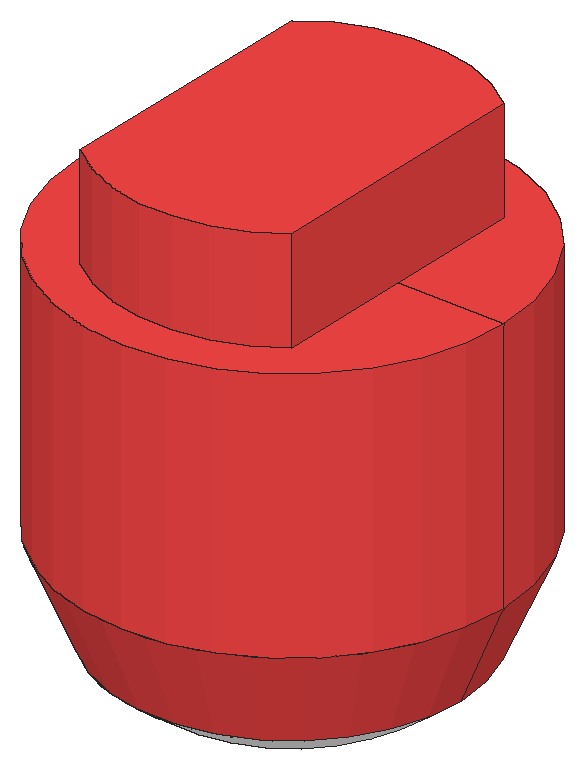
Revit family "CWSS-RW-W6 ENScape optisk-akustisk signalgiver rød IP65_Tak", category Fire Alarm Devices, Revit 2016
Family settings
  Maintain Annotation Orientation = Yes
  Part Type = Normal
  Round Connector Dimension = Use Diameter
  OmniClass Number = 23.85.30.21.11.17
  OmniClass Title = Other Components
  Work Plane-Based = No
  Always vertical = No
  Cut with Voids When Loaded = No
  Shared = No
  Room Calculation Point = No
Parameters (values of type "Optisk signalgiver")
  Type Comments = "-XH"
  Reference Line Out [instance] = 10.00 mm
  NS8360 = "5423_XN2"
  Manufacturer = "Honeywell"
  Keynote = "XN2"
  IP R = CQ Length A / 2 - 10.00 mm  # 40.00 mm
  CQ Symbol Positive Direction [instance] = yes
  CQ Symbol Offset Side [instance] = 0.00 mm
  CQ Symbol Offset Out [instance] = 0.00 mm
  CQ Material = Plastic - Red
  CQ Length B = 98.00 mm
  CQ Length A = 100.00 mm
  Assembly Code = "5423"
Reference planes
  plane 1 "Center (Front/Back)": y = 0
  plane 2: z = 0
  plane 3 "Center (Left/Right)": x = 0
  plane 4: x = -50
  plane 5: x = 50
  plane 6: z = -98
  plane 7: z = -83
  plane 8: z = 24
  plane 9: x = 40
Forms (mm)
  Revolve 1, solid, material "Plastic White Transparent"
    sketch origin (0, 0, 0) x (1, 0, 0) y (0, 0, 1)
      loop
        line (0, -83) -> (0, -98) -> (1, -98)
        arc (1, -98) -> (21.893, -94.121) -> (40, -83) r 58.2
        line (40, -83) -> (0, -83)
      axis (0, -83) -> (0, -98)
    angle from 0 to 360
  Revolve 2, solid, material "Plastic - Red" <- "CQ Material"
    sketch origin (0, 0, 0) x (1, 0, 0) y (0, 0, 1)
      loop
        line (0, 0) -> (0, -83) -> (40, -83) -> (50, -60) -> (50, 0) -> (0, 0)
      axis (0, 0) -> (0, -83)
    angle from 0 to 360
  Extrusion 3, solid, material "Plastic - Red" <- "CQ Material"
    sketch origin (0, 0, 0) x (1, 0, 0) y (0, 1, 0)
      loop
        arc (25, 31.225) -> (0, 40) -> (-25, 31.225) r 40
        line (-25, 31.225) -> (-25, -31.225)
        arc (-25, -31.225) -> (0, -40) -> (25, -31.225) r 40
        line (25, -31.225) -> (25, 31.225)
    from 0 to 24
Cuts and joins
  joined: Revolve 2, Extrusion 3
Lines and regions (mm)
  model lines, style "InvisibleLines"
    curve 1: line (0, 0, 0) -> (0, -43, 0)
    curve 2: line (0, 0, 0) -> (0, 0, 10)
Dimensions and locks
  equal spacing: plane 5, plane 3 "Center (Left/Right)", plane 4
  "CQ Length A": plane 5 to plane 4
  "CQ Length B": plane 6 to plane 2
  "Reference Line Out": curve 2 to level
  locked: plane 7 to plane 6 at 15
  plane 8 to plane 2 = 24.00 mm
  locked: plane 5 to plane 9 at 10
  locked: plane 4 to Extrusion 3 sketch curve at 25
  locked: cut or joined group of Revolve 2, Extrusion 3 to plane 5 at 25
  radius of Extrusion 3 sketch curve = 40.00 mm
  "IP R": radius of Extrusion 3 sketch curve
  aligned and locked: level to plane 2
  aligned and locked: curve 1 to plane 2
  aligned and locked: plane 3 "Center (Left/Right)" to nested 1
  aligned and locked: plane 1 "Center (Front/Back)" to nested 1
  aligned and locked: plane 2 to curve 2
  aligned and locked: plane 3 "Center (Left/Right)" to curve 2
  aligned and locked: Revolve 1 sketch curve to plane 7
  aligned and locked: Revolve 1 sketch curve to plane 6
  aligned and locked: Revolve 2 sketch curve to level
  aligned and locked: Revolve 2 sketch curve to plane 3 "Center (Left/Right)"
  aligned and locked: Revolve 2 sketch curve to plane 5
  aligned and locked: Revolve 2 sketch curve to plane 7
  aligned and locked: plane 8 to Extrusion 3
  aligned and locked: plane 9 to Revolve 1 sketch curve
  aligned and locked: plane 9 to Revolve 2 sketch curve
Automatic sketch dimensions
  curve 1 to plane 3 "Center (Left/Right)" = 0.00 mm
  plane 1 "Center (Front/Back)" to curve 1 = 0.00 mm
  plane 1 "Center (Front/Back)" to curve 1 = 43.00 mm
  Revolve 2 sketch curve to plane 3 "Center (Left/Right)" = 0.00 mm
  Revolve 2 sketch curve to plane 6 = 23.00 mm
  plane 7 to Revolve 2 sketch curve = 23.00 mm
  plane 8 to Revolve 2 sketch curve = 1.00 mm
  Revolve 1 sketch curve to plane 3 "Center (Left/Right)" = 0.00 mm  (x2)
  Revolve 1 sketch curve to plane 6 = 0.00 mm
  plane 3 "Center (Left/Right)" to Revolve 1 sketch curve = 1.00 mm
  Revolve 1 sketch curve to Revolve 1 sketch curve = 12.20 mm
  Extrusion 3 sketch curve to Extrusion 3 sketch curve = 0.00 mm  (x2)
  plane 1 "Center (Front/Back)" to Extrusion 3 sketch curve = 0.00 mm
  Extrusion 3 sketch curve to plane 3 "Center (Left/Right)" = 0.00 mm
  Extrusion 3 sketch curve to plane 9 = 15.00 mm
Nested families
  nested 1: "Optisk alarmapparat" at (0, 0, 0), type "Type 1"
Connectors
  electrical at (0, 0, 0)
    settings: on Revolve 1, index 1, voltage 0 V, apparent load 0 VA, apparent load phase1 0 VA, apparent load phase2 0 VA, apparent load phase3 0 VA, power factor 1, load classification "Other", number of poles 1, system type 11, power factor state 1, is connector primary yes, connector utility no, sub classification motor no, connector description ""
Definition of nested family "Optisk alarmapparat"
  Parameters
    CQ Symbol Positive Direction = yes
    CQ Symbol Negative Direction = not(CQ Symbol Positive Direction)  # no
    CQ Symbol Offset Side = 0.00 mm
    CQ Symbol Offset Out = 0.00 mm
  Reference planes
    plane 1: y = 0
    plane 2: x = 0
  Dimensions and locks
    "CQ Symbol Offset Out": plane 1 to nested 2
    "CQ Symbol Offset Out": plane 1 to nested 1
    "CQ Symbol Offset Side": plane 2 to nested 1
    "CQ Symbol Offset Side": nested 2 to plane 2
  Nested families
    nested 1: "Optisk AlarmapparatSub" at (0, 0, 0), visible <- "CQ Symbol Positive Direction", type "Type 1"
    nested 2: "Optisk AlarmapparatSub" at (0, 0, 0), visible <- "CQ Symbol Negative Direction", type "Type 1"
  Definition of nested family "Optisk AlarmapparatSub"
    Reference planes
      plane 1: y = 0
      plane 2: x = 0
    Lines and regions (mm)
      detail lines
        curve 1: circle (0, 0, 0) r 2.5 normal (0, 0, 1)
        curve 2: line (-1.768, 1.768, 0) -> (1.768, -1.768, 0)
        curve 3: line (-1.768, -1.768, 0) -> (1.768, 1.768, 0)
        curve 4: line (-0.001, 3, 0) -> (4.748, 3, 0)
    Text (mm)
      text "PL" at (1.733, 4.587, 0)
